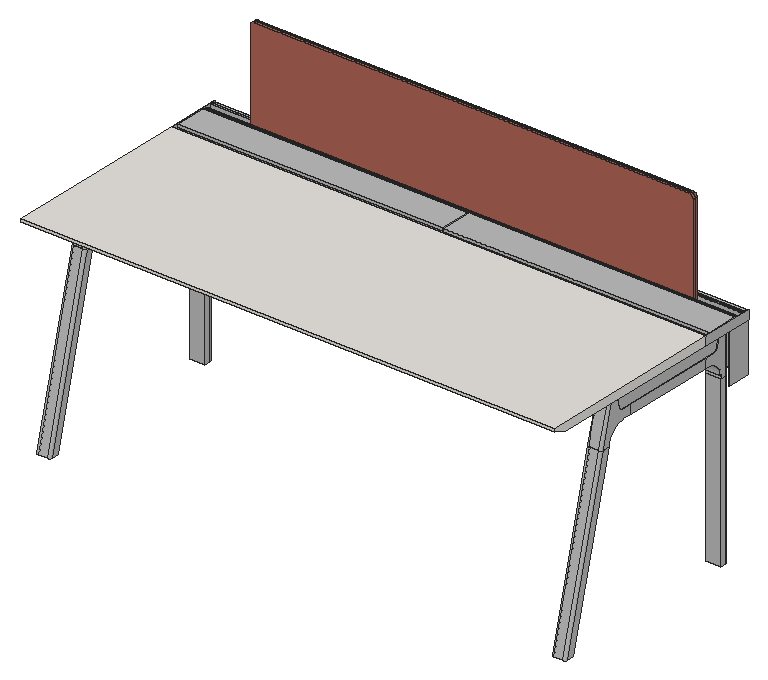
Revit family "Haworth_Intuity_Benching_SingleSided", category Furniture Systems, Revit 2018
Family settings
  Round Connector Dimension = Use Diameter
  Part Type = Normal
  OmniClass Number = 23.40.70.14.64.21
  OmniClass Title = Systems Furniture
  Work Plane-Based = No
  Always vertical = Yes
  Cut with Voids When Loaded = No
  Shared = No
  Room Calculation Point = No
Parameters (values of type "30d 72w")
  Worksurface Finish = Haworth _ Laminate _ Linen H-WL
  Worksurface Depth = if([30 Depth], 30", 24")  # 30"
  Width = 72"
  Warranty = "http://www.haworth.com/resources/product-info/warranties"
  Utility Tray Offset = 1 9/32"  # constant formula
  Utility Tray Bottom = 21 23/64"  # constant formula
  URL - Product = "http://www.haworth.com/products/workspaces/benching/intuity"
  URL = "https://www.haworth.com/na/en.html"
  Top Thickness = 1 3/16"  # constant formula
  Sustainability Info = "https://www.haworth.com/na/en/expertise/sustainability.html"
  Standard Screen Widths = "24, 30, 36, 42, 48, 54, 60 inches"  # constant formula
  Standard Bench Widths = "48, 54, 60, 66, 72 inches"  # constant formula
  Screen Yes [instance] = yes
  Screen Width = 60"
  Screen Finish = Haworth _ Fabric _ Tellure _ Geranium 3A-42
  Rail Finish = Haworth _ Paint _ Metallic Silver
  Min Width = 48"  # constant formula
  Min Screen Width = 24"  # constant formula
  Max Width = 72"  # constant formula
  Max Screen Width = 60"  # constant formula
  Leg Right Straight [instance] = no
  Leg Right Shared [instance] = no
  Leg Right Offset [instance] = if(Leg Right Shared, 0", 1 1/4")  # 1 1/4"
  Leg Right None [instance] = not(or(Leg Right Straight, Leg Right Angled))  # no
  Leg Right Angled [instance] = yes
  Leg Left Straight [instance] = no
  Leg Left Shared [instance] = no
  Leg Left Offset [instance] = if(Leg Left Shared, 0", 1 1/4")  # 1 1/4"
  Leg Left None [instance] = not(or(Leg Left Straight, Leg Left Angled))  # no
  Leg Left Angled [instance] = yes
  Leg Height = 28"  # constant formula
  Leg Half = 1"  # constant formula
  Leg Front Offset [instance] = if(or(Leg Right Angled, Leg Left Angled), 13", 6")  # 13"
  Leg Finish = Haworth _ Paint _ Metallic Silver
  Knife Edge [instance] = or(Leg Right Angled, Leg Left Angled, not(Edgeband))  # yes
  Size = "Verify Final Dim. w/ Haworth"  # constant formula
  Revision Number = "2"  # constant formula
  Model = "Haworth - Intuity Benching - Single Sided"  # constant formula
  Manufacturer = "Haworth"  # constant formula
  End Cap Right [instance] = and(not(Leg Right Shared), or(Leg Right Straight, Leg Right Angled))  # yes
  End Cap Offset = 1/8"  # constant formula
  End Cap Left [instance] = and(not(Leg Left Shared), or(Leg Left Straight, Leg Left Angled))  # yes
  End Cap Depth Half = if(Access Hatch Yes, 5 29/32", 1 13/32")  # 5 29/32"
  Edgeband Actual [instance] = and(Edgeband, not(or(Leg Right Angled, Leg Left Angled)))  # no
  Edgeband [instance] = no
  Description = "Haworth - Intuity Benching - Single Sided"  # constant formula
  Custom Size = not(or(Width = 48", Width = 54", Width = 60", Width = 66", Width = 72"))  # no
  Custom Screen Size = not(or(Screen Width = 24", Screen Width = 30", Screen Width = 36", Screen Width = 42", Screen Width = 48", Screen Width = 54", Screen Width = 60"))  # no
  Beam Offset = 7"  # constant formula
  Beam Height = 2"  # constant formula
  Beam Gap = 9/16"  # constant formula
  Beam Depth = 1 1/4"  # constant formula
  Back Leg Right [instance] = or(Leg Right Straight, Leg Right Angled)  # yes
  Back Leg Offset = 1 7/8"  # constant formula
  Back Leg Left [instance] = or(Leg Left Straight, Leg Left Angled)  # yes
  Author = "Haworth (Hampton)"  # constant formula
  Assembly Code = "E2020200"
  Actual Worksurface Depth = if(Access Hatch No, Worksurface Depth, Worksurface Depth - 4 1/2")  # 25 1/2"
  Actual Width = if(Width > Max Width, Max Width, if(Width < Min Width, Min Width, Width))  # 72"
  Actual Screen Width = if(Screen Width > Max Screen Width, Max Screen Width - 1/4", if(Screen Width < Min Screen Width, Min Screen Width - 1/4", Screen Width - 1/4"))  # 59 3/4"
  Actual Height = 29 3/16"  # constant formula
  Actual Depth = if([30 Depth], 31 13/32", 25 13/32")  # 31 13/32"
  Access Plate Offset = 7/8"  # constant formula
  Access Plate Height = 3/8"  # constant formula
  Access Plate Depth = 4 1/4"  # constant formula
  Accent Plate Right [instance] = or(Leg Right Straight, Leg Right Angled)  # yes
  Accent Plate Left [instance] = or(Leg Left Straight, Leg Left Angled)  # yes
  Access Hatch Yes = yes
  Access Hatch No = not(Access Hatch Yes)  # no
  Access Hatch Finish = Haworth _ Paint _ Metallic Silver
  Accent Plate Finish = Haworth _ Paint _ Metallic Silver
  Accent Plate Depth [instance] = Actual Depth - Leg Front Offset - 5 9/16"  # 12 27/32"
  30 Depth = not([24 Depth])  # yes
  24 Depth = no
Types (10): name | Worksurface Depth | Width | Screen Width | Leg Right Straight | Leg Right Angled | Leg Left Straight | Leg Left Angled | Leg Front Offset | Actual Worksurface Depth | Actual Width | Actual Screen Width | Actual Depth | Accent Plate Depth | 30 Depth | 24 Depth
  24d 48w | 24" | 48" | 48" | no | yes | no | yes | 13" | 19 1/2" | 48" | 47 3/4" | 25 13/32" | 6 27/32" | no | yes
  24d 54w | 24" | 54" | 54" | no | yes | no | yes | 13" | 19 1/2" | 54" | 53 3/4" | 25 13/32" | 6 27/32" | no | yes
  24d 60w | 24" | 60" | 60" | no | yes | no | yes | 13" | 19 1/2" | 60" | 59 3/4" | 25 13/32" | 6 27/32" | no | yes
  24d 66w | 24" | 66" | 60" | no | yes | no | yes | 13" | 19 1/2" | 66" | 59 3/4" | 25 13/32" | 6 27/32" | no | yes
  24d 72w | 24" | 72" | 60" | no | yes | no | yes | 13" | 19 1/2" | 72" | 59 3/4" | 25 13/32" | 6 27/32" | no | yes
  30d 48w | 30" | 48" | 48" | yes | no | yes | no | 6" | 25 1/2" | 48" | 47 3/4" | 31 13/32" | 19 27/32" | yes | no
  30d 54w | 30" | 54" | 54" | no | yes | no | yes | 13" | 25 1/2" | 54" | 53 3/4" | 31 13/32" | 12 27/32" | yes | no
  30d 60w | 30" | 60" | 60" | no | yes | no | yes | 13" | 25 1/2" | 60" | 59 3/4" | 31 13/32" | 12 27/32" | yes | no
  30d 66w | 30" | 66" | 60" | no | yes | no | yes | 13" | 25 1/2" | 66" | 59 3/4" | 31 13/32" | 12 27/32" | yes | no
  30d 72w | 30" | 72" | 60" | no | yes | no | yes | 13" | 25 1/2" | 72" | 59 3/4" | 31 13/32" | 12 27/32" | yes | no
Reference planes (in)
  plane 1: z = 0
  plane 2 "Center L/R": x = 8.5
  plane 3 "Left Edge": x = -27.5
  plane 4 "Right Edge": x = 44.5
  plane 5 "Support Top": z = 29.1875
  plane 6 "Center F/B": y = -7.86431
  plane 7 "Front": y = -39.27056
  plane 8 "Left Leg Offset": x = -26.25
  plane 9 "Right Leg Offset": x = 43.25
  plane 10 "Leg Front": y = -26.27056
  plane 11 "End Cap Left": x = -27.375
  plane 12 "End Cap Right": x = 44.375
  plane 13 "End Cap Front": y = -13.77056
  plane 14: z = 28
  plane 15 "Beam 3": y = -14.86431
  plane 16 "Beam 4": y = -16.11431
  plane 17 "Beam Top": z = 27.4375
  plane 18 "Beam Bottom": z = 25.4375
  plane 19 "Leg Left Inside": x = -25.25
  plane 20 "Leg Right Inside": x = 42.25
  plane 21 "Access Plate Left": x = 8.375
  plane 22 "Access Plate Right": x = 8.625
  plane 23 "Access Plate 4": y = -8.73931
  plane 24 "Access Plate 3": y = -12.98931
  plane 25 "Access Bottom": z = 28.8125
  plane 26: y = -9.73931
  plane 27 "Back": y = -6.58306
  plane 28: z = 21.35938
Forms (in)
  Extrusion 1, solid, material "Haworth _ Paint _ Metallic Silver" <- "Access Hatch Finish", visible <- "End Cap Left"
    sketch origin (0, 0, 0) x (1, 0, 0) y (0, 1, 0)
      loop
        line (-27.5, -6.58306) -> (-27.5, -13.77056) -> (-27.375, -13.77056) -> (-27.375, -6.58306) -> (-27.5, -6.58306)
    from 28 to 29.1875
  Extrusion 2, solid, material "Haworth _ Paint _ Metallic Silver" <- "Access Hatch Finish", visible <- "End Cap Right"
    sketch origin (0, 0, 0) x (1, 0, 0) y (0, 1, 0)
      loop
        line (44.375, -6.58306) -> (44.375, -13.77056) -> (44.5, -13.77056) -> (44.5, -6.58306) -> (44.375, -6.58306)
    from 28 to 29.1875
  Extrusion 3, solid, material "Haworth _ Paint _ Metallic Silver" <- "Leg Finish"
    sketch origin (0, 0, 0) x (1, 0, 0) y (0, 1, 0)
      loop
        line (-25.25, -14.86431) -> (-25.25, -16.11431) -> (42.25, -16.11431) -> (42.25, -14.86431) -> (-25.25, -14.86431)
    from 25.4375 to 27.4375
  Extrusion 4, solid, material "Haworth _ Paint _ Metallic Silver" <- "Access Hatch Finish", visible <- "Access Hatch Yes"
    sketch origin (0, 0, 0) x (1, 0, 0) y (0, 1, 0)
      loop
        line (-27.375, -8.73931) -> (-27.375, -12.98931) -> (8.375, -12.98931) -> (8.375, -8.73931) -> (-27.375, -8.73931)
      loop
        line (8.625, -8.73931) -> (8.625, -12.98931) -> (44.375, -12.98931) -> (44.375, -8.73931) -> (8.625, -8.73931)
    from 28.8125 to 29.1875
  Extrusion 5, solid, material "Haworth _ Paint _ Metallic Silver" <- "Rail Finish", visible <- "Accent Plate Left"
    sketch origin (-27.5, 0, 0) x (0, -1, 0) y (0, 0, 1)
      loop
        line (9.73931, 21.35937) -> (9.73931, 28) -> (6.58306, 28) -> (6.58306, 21.35937) -> (9.73931, 21.35937)
    from -0.125 to 0
  Extrusion 6, solid, material "Haworth _ Paint _ Metallic Silver" <- "Rail Finish", visible <- "Accent Plate Right"
    sketch origin (-27.5, 0, 0) x (0, -1, 0) y (0, 0, 1)
      loop
        line (9.73931, 28) -> (6.58306, 28) -> (6.58306, 21.35937) -> (9.73931, 21.35937) -> (9.73931, 28)
    from -72 to -71.875
Lines and regions (in)
  Masking region 1
    outline origin (0, 0, 0) x (1, 0, 0) y (0, 1, 0)
      loop
        line (-27.5, -6.58306) -> (-27.5, -39.27056) -> (44.5, -39.27056) -> (44.5, -6.58306) -> (-27.5, -6.58306)
  symbolic lines, style "Haworth", visible <- "Access Hatch Yes", detail levels fine
    curve 1: line (8.5, -8.73931, 0) -> (8.5, -13.77056, 0)
Dimensions and locks (in)
  "Actual Width": plane 3 "Left Edge" to plane 4 "Right Edge"
  equal spacing: plane 3 "Left Edge", plane 2 "Center L/R", plane 4 "Right Edge"
  "Actual Height": plane 5 "Support Top" to level
  "Actual Depth": plane 7 "Front" to plane 6 "Center F/B"
  "Leg Left Offset": plane 3 "Left Edge" to plane 8 "Left Leg Offset"
  "Leg Right Offset": plane 9 "Right Leg Offset" to plane 4 "Right Edge"
  "Leg Front Offset": plane 7 "Front" to plane 10 "Leg Front"
  "End Cap Offset": plane 12 "End Cap Right" to plane 4 "Right Edge"
  "End Cap Offset": plane 3 "Left Edge" to plane 11 "End Cap Left"
  "End Cap Depth Half": plane 13 "End Cap Front" to plane 6 "Center F/B"
  "Top Thickness": plane 5 "Support Top" to plane 14
  "Beam Depth": plane 16 "Beam 4" to plane 15 "Beam 3"
  "Beam Gap": plane 14 to plane 17 "Beam Top"
  "Beam Height": plane 17 "Beam Top" to plane 18 "Beam Bottom"
  "Leg Half": plane 8 "Left Leg Offset" to plane 19 "Leg Left Inside"
  "Leg Half": plane 20 "Leg Right Inside" to plane 9 "Right Leg Offset"
  "End Cap Offset": plane 21 "Access Plate Left" to plane 2 "Center L/R"
  "End Cap Offset": plane 2 "Center L/R" to plane 22 "Access Plate Right"
  "Access Plate Offset": plane 6 "Center F/B" to plane 23 "Access Plate 4"
  "Access Plate Depth": plane 23 "Access Plate 4" to plane 24 "Access Plate 3"
  "Access Plate Height": plane 5 "Support Top" to plane 25 "Access Bottom"
  "Back Leg Offset": plane 6 "Center F/B" to plane 26
  "Beam Offset": plane 6 "Center F/B" to plane 15 "Beam 3"
  "Utility Tray Offset": plane 27 "Back" to plane 6 "Center F/B"
  "Utility Tray Bottom": plane 28 to plane 1
  aligned and locked: Masking region 1 sketch curve to plane 3 "Left Edge"
  aligned and locked: Masking region 1 sketch curve to plane 4 "Right Edge"
  aligned and locked: Masking region 1 sketch curve to plane 7 "Front"
  aligned and locked: plane 2 "Center L/R" to nested 1
  aligned and locked: plane 7 "Front" to nested 1
  aligned and locked: plane 8 "Left Leg Offset" to nested 2
  aligned and locked: nested 3 to plane 9 "Right Leg Offset"
  aligned and locked: plane 10 "Leg Front" to nested 3
  aligned and locked: plane 10 "Leg Front" to nested 4
  aligned and locked: plane 8 "Left Leg Offset" to nested 4
  aligned and locked: nested 5 to plane 8 "Left Leg Offset"
  aligned and locked: plane 9 "Right Leg Offset" to nested 7
  aligned and locked: plane 10 "Leg Front" to nested 6
  aligned and locked: nested 6 to plane 9 "Right Leg Offset"
  aligned and locked: plane 10 "Leg Front" to nested 2
  aligned and locked: plane 8 "Left Leg Offset" to nested 8
  aligned and locked: nested 9 to plane 9 "Right Leg Offset"
  aligned and locked: plane 2 "Center L/R" to nested 10
  aligned and locked: plane 6 "Center F/B" to nested 10
  aligned and locked: Extrusion 1 sketch curve to plane 13 "End Cap Front"
  aligned and locked: Extrusion 1 sketch curve to plane 11 "End Cap Left"
  aligned and locked: Extrusion 1 sketch curve to plane 3 "Left Edge"
  aligned and locked: Extrusion 2 sketch curve to plane 13 "End Cap Front"
  aligned and locked: Extrusion 2 sketch curve to plane 12 "End Cap Right"
  aligned and locked: Extrusion 2 sketch curve to plane 4 "Right Edge"
  aligned and locked: plane 5 "Support Top" to Extrusion 1
  aligned and locked: plane 5 "Support Top" to Extrusion 2
  aligned and locked: Extrusion 2 to plane 14
  aligned and locked: Extrusion 1 to plane 14
  aligned and locked: plane 19 "Leg Left Inside" to Extrusion 3 sketch curve
  aligned and locked: plane 20 "Leg Right Inside" to Extrusion 3 sketch curve
  aligned and locked: plane 15 "Beam 3" to Extrusion 3 sketch curve
  aligned and locked: Extrusion 3 sketch curve to plane 16 "Beam 4"
  aligned and locked: plane 17 "Beam Top" to Extrusion 3
  aligned and locked: Extrusion 3 to plane 18 "Beam Bottom"
  aligned and locked: plane 24 "Access Plate 3" to Extrusion 4 sketch curve  (x2)
  aligned and locked: Extrusion 4 sketch curve to plane 23 "Access Plate 4"  (x2)
  aligned and locked: Extrusion 4 sketch curve to plane 22 "Access Plate Right"
  aligned and locked: Extrusion 4 sketch curve to plane 21 "Access Plate Left"
  aligned and locked: plane 12 "End Cap Right" to Extrusion 4 sketch curve
  aligned and locked: plane 11 "End Cap Left" to Extrusion 4 sketch curve
  aligned and locked: plane 5 "Support Top" to Extrusion 4
  aligned and locked: Extrusion 4 to plane 25 "Access Bottom"
  aligned and locked: curve 1 to plane 2 "Center L/R"
  aligned and locked: plane 23 "Access Plate 4" to curve 1
  aligned and locked: plane 13 "End Cap Front" to curve 1
  aligned and locked: plane 6 "Center F/B" to nested 11
  aligned and locked: nested 5 to plane 26
  aligned and locked: nested 7 to plane 26
  aligned and locked: nested 9 to plane 10 "Leg Front"
  aligned and locked: nested 8 to plane 10 "Leg Front"
  aligned and locked: plane 2 "Center L/R" to nested 12
  aligned and locked: plane 6 "Center F/B" to nested 12
  aligned and locked: plane 27 "Back" to Masking region 1
  aligned and locked: plane 27 "Back" to Extrusion 2
  aligned and locked: plane 27 "Back" to Extrusion 1
  aligned and locked: plane 14 to Extrusion 5 sketch curve
  aligned and locked: Extrusion 5 sketch curve to plane 28
  aligned and locked: plane 27 "Back" to Extrusion 5 sketch curve
  aligned and locked: Extrusion 5 sketch curve to plane 26
  aligned and locked: plane 11 "End Cap Left" to Extrusion 5
  aligned and locked: plane 3 "Left Edge" to Extrusion 5
  aligned and locked: Extrusion 6 sketch curve to plane 27 "Back"
  aligned and locked: plane 26 to Extrusion 6 sketch curve
  aligned and locked: plane 28 to Extrusion 6 sketch curve
  aligned and locked: Extrusion 6 sketch curve to plane 14
  aligned and locked: plane 4 "Right Edge" to Extrusion 6
  aligned and locked: plane 12 "End Cap Right" to Extrusion 6
Automatic sketch dimensions
  plane 6 "Center F/B" to Extrusion 1 sketch curve = 1 9/32"
  plane 6 "Center F/B" to Extrusion 2 sketch curve = 1 9/32"
  plane 6 "Center F/B" to Masking region 1 sketch curve = 1 9/32"
Nested families (in)
  nested 1: "Haworth_Intuity_Worksurfaces" at (0, -18.65625, 28), built-in parameter 1001364 <- "Leg Height", type "Top"
    with Knife Edge Void End 78", Actual Width 72", Actual Depth 25 1/2"
  nested 2: "Haworth_Intuity_Angled_Leg" at (-34.75, -18.40625, 0), visible <- "Leg Left Angled", type "Support"
  nested 3: "Haworth_Intuity_Angled_Leg" at (34.75, -18.40625, 0), visible <- "Leg Right Angled", type "Support"
  nested 4: "Haworth_Intuity_Straight_Leg" at (-34.75, -18.40625, 0), visible <- "Leg Left Straight", type "Support"
  nested 5: "Haworth_Intuity_Straight_Leg" at (-17.75, -21.29112, 0) x (-1, 0, 0) z (0, 0, 1), visible <- "Back Leg Left", type "Support"
  nested 6: "Haworth_Intuity_Straight_Leg" at (34.75, -18.40625, 0), visible <- "Leg Right Straight", type "Support"
  nested 7: "Haworth_Intuity_Straight_Leg" at (51.75, -21.29112, 0) x (-1, 0, 0) z (0, 0, 1), visible <- "Back Leg Right", type "Support"
  nested 8: "Haworth_Intuity_Accent_Plate" at (-34.75, -9.20313, 0), visible <- "Accent Plate Left", type "Support"
    with Support Depth 12 27/32"
  nested 9: "Haworth_Intuity_Accent_Plate" at (34.75, -9.20313, 0), visible <- "Accent Plate Right", type "Support"
    with Support Depth 12 27/32"
  nested 10: "Haworth_Intuity_Rail" at (0, 2.78125, 0), Right Shared Leg <- "Leg Right Shared", Left Shared Leg <- "Leg Left Shared", type "Rail"
    with Right Shared Leg no, Right Offset 1/8", Left Shared Leg no, Left Offset 1/8", Worsurface Length 72"
  nested 11: "Haworth_Intuity_Screens" at (0, 0, 28.25), visible <- "Screen Yes", type "Screen"
    with Actual Width 59 3/4"
  nested 12: "Haworth_Intuity_Utility_Tray_Single" at (0, 2.78125, 0), type "Tray"
    with Right Offset 1/8", Left Offset 1/8", Worsurface Length 72"
Definition of nested family "Haworth_Intuity_Worksurfaces"
  Parameters
    Warranty = "http://www.haworth.com/bottom-nav/product-info/warranty-info"
    URL - Product = "http://www.haworth.com/home/systems/benching/intuity"
    URL = "www.haworth.com"
    Knife Edge Void Start = 3"  # constant formula
    Knife Edge Void End = if(Knife Edge, Actual Width + 6", 2")  # 54"
    Knife Edge = not(Edgeband)  # yes
    Finish = none
    Size = "Verify Final Dim. w/ Haworth"  # constant formula
    Revision Number = "1"  # constant formula
    Model = "Haworth_Intuity_Worksurfaces"  # constant formula
    Manufacturer = "Haworth"  # constant formula
    Edgeband = no
    Description = "Haworth_Intuity_Worksurfaces"
    Author = "Haworth (Hampton)"  # constant formula
    Assembly Code = "E2020200"
    Actual Width = 48"
    Actual Height = 1 3/16"  # constant formula
    Actual Depth = 24"
  Reference planes (in)
    plane 1: z = 0
    plane 2 "Center L/R": x = 8.5
    plane 3 "Left Edge": x = -15.5
    plane 4 "Right Edge": x = 32.5
    plane 5 "Support Top": z = 1.1875
    plane 6 "Center F/B": y = -7.86431
    plane 7 "Back": y = 4.13569
    plane 8 "Front": y = -19.86431
    plane 9 "Knife Edge": y = -17.86431
    plane 10 "Knife Edge Seam": z = 0.8125
    plane 11 "Void Left": x = -18.5
    plane 12 "Void Right": x = 35.5
  Forms (in)
    Extrusion 1, solid, material <- "Finish"
      sketch origin (0, 0, 0) x (1, 0, 0) y (0, 1, 0)
        loop
          line (-15.5, 4.13569) -> (-15.5, -19.86431) -> (32.5, -19.86431) -> (32.5, 4.13569) -> (-15.5, 4.13569)
      from 0 to 1.1875
    Extrusion 2, void
      sketch origin (-15.5, 0, 0) x (0, -1, 0) y (0, 0, 1)
        loop
          line (17.86431, 0) -> (17.86431, -0.31399) -> (20.36431, -0.31399) -> (20.36431, 0.8125) -> (19.86431, 0.8125) -> (17.86431, 0)
      from -51 to 3
  Cuts and joins
    Extrusion 2 cuts Extrusion 1
  Lines and regions (in)
    Masking region 1
      outline origin (0, 0, 0) x (1, 0, 0) y (0, 1, 0)
        loop
          line (-15.5, 4.13569) -> (-15.5, -19.86431) -> (32.5, -19.86431) -> (32.5, 4.13569) -> (-15.5, 4.13569)
    symbolic lines
      curve 1: line (-15.5, 4.13569, 0) -> (-15.5, -19.86431, 0)
      curve 2: line (-15.5, -19.86431, 0) -> (32.5, -19.86431, 0)
      curve 3: line (32.5, -19.86431, 0) -> (32.5, 4.13569, 0)
      curve 4: line (32.5, 4.13569, 0) -> (-15.5, 4.13569, 0)
  Dimensions and locks (in)
    "Actual Width": plane 3 "Left Edge" to plane 4 "Right Edge"
    equal spacing: plane 3 "Left Edge", plane 2 "Center L/R", plane 4 "Right Edge"
    "Actual Height": plane 5 "Support Top" to level
    equal spacing: plane 8 "Front", plane 6 "Center F/B", plane 7 "Back"
    "Actual Depth": plane 8 "Front" to plane 7 "Back"
    locked: plane 8 "Front" to plane 9 "Knife Edge" at 2
    locked: plane 5 "Support Top" to plane 10 "Knife Edge Seam" at 0.375
    "Knife Edge Void Start": plane 11 "Void Left" to plane 3 "Left Edge"
    "Knife Edge Void End": plane 11 "Void Left" to plane 12 "Void Right"
    aligned and locked: Masking region 1 sketch curve to plane 3 "Left Edge"
    aligned and locked: Masking region 1 sketch curve to plane 4 "Right Edge"
    aligned and locked: Masking region 1 sketch curve to plane 7 "Back"
    aligned and locked: Masking region 1 sketch curve to plane 8 "Front"
    aligned and locked: Extrusion 1 sketch curve to plane 4 "Right Edge"
    aligned and locked: Extrusion 1 sketch curve to plane 3 "Left Edge"
    aligned and locked: Extrusion 1 sketch curve to plane 7 "Back"
    aligned and locked: Extrusion 1 sketch curve to plane 8 "Front"
    aligned and locked: Extrusion 1 to plane 1
    aligned and locked: plane 5 "Support Top" to Extrusion 1
    aligned and locked: cut or joined group of Extrusion 1, Extrusion 2 to plane 12 "Void Right"
    aligned and locked: plane 11 "Void Left" to Extrusion 2
    aligned and locked: plane 4 "Right Edge" to curve 3
    aligned and locked: plane 7 "Back" to curve 4
    aligned and locked: plane 3 "Left Edge" to curve 1
    aligned and locked: plane 8 "Front" to curve 2
  Automatic sketch dimensions
    Extrusion 2 sketch curve to level = 0"
    Extrusion 2 sketch curve to plane 9 "Knife Edge" = 0"
    Extrusion 2 sketch curve to plane 8 "Front" = 0"
    Extrusion 2 sketch curve to plane 10 "Knife Edge Seam" = 0"
    plane 8 "Front" to Extrusion 2 sketch curve = 1/2"
    Extrusion 2 sketch curve to level = 0.31399"
Definition of nested family "Haworth_Intuity_Angled_Leg"
  Parameters
    URL = "www.haworth.com"
    Support Thickness = 2"  # constant formula
    Support Inset = 1/4"  # constant formula
    Support Height = 28"  # constant formula
    Support Finish = none
    Size = "Verify Final Dim. w/ Haworth"  # constant formula
    Revision Number = "1"  # constant formula
    Model = "Haworth_Intuity_Angled_Leg"  # constant formula
    Manufacturer = "Haworth"  # constant formula
    Description = "Haworth_Intuity_Angled_Leg"
    Author = "Haworth (Hampton)"  # constant formula
    Assembly Code = "E2020200"
    Actual Depth = 10 3/4"  # constant formula
  Reference planes (in)
    plane 1: z = 0
    plane 2 "Center L/R": x = 8.5
    plane 3 "Support Left Edge": x = 7.5
    plane 4 "Support Right Edge": x = 9.5
    plane 5 "Support Top": z = 28
    plane 6 "Center F/B": y = -7.86431
    plane 7 "Inset Left": x = 7.75
    plane 8 "Inset Right": x = 9.25
    plane 9 "Front": y = -18.60273
  Forms (in)
    Extrusion 1, solid, material <- "Support Finish"
      sketch origin (7.5, 0, 0) x (0, -1, 0) y (0, 0, 1)
        loop
          line (18.60273, 0) -> (12.61969, 22.70402) -> (11.40102, 22.70402) -> (17.38407, 0) -> (18.60273, 0)
      from -2 to 0
    Extrusion 2, solid, material <- "Support Finish"
      sketch origin (7.5, 0, 0) x (0, -1, 0) y (0, 0, 1)
        loop
          line (12.61969, 22.70402) -> (11.20064, 28) -> (9.99113, 28) -> (9.63452, 26.66908)
          arc (9.63452, 26.66908) -> (9.41129, 26.335) -> (9.03081, 26.20584) r 0.625
          line (9.03081, 26.20584) -> (7.86431, 26.20584) -> (7.86431, 25.0255) -> (8.76475, 25.0255)
          arc (8.76475, 25.0255) -> (10.36275, 24.48305) -> (11.30031, 23.0799) r 2.625
          line (11.30031, 23.0799) -> (11.40102, 22.70402) -> (12.61969, 22.70402)
      from -2 to 0
    Extrusion 3, void
      sketch origin (0, -0.61412, -4.74042) x (1, 0, 0) y (0, 0.966987, -0.254824)
        loop
          line (9.125, -18.60273) -> (7.875, -18.60273)
          arc (7.875, -18.60273) -> (7.60983, -18.4929) -> (7.5, -18.22773) r 0.375
          line (7.5, -18.22773) -> (7.18721, -18.74452) -> (9.81279, -18.74452) -> (9.5, -18.22773)
          arc (9.5, -18.22773) -> (9.39017, -18.4929) -> (9.125, -18.60273) r 0.375
      from 0 to 30.3576
  Cuts and joins
    Extrusion 3 cuts Extrusion 1
    Extrusion 3 cuts Extrusion 2
  Lines and regions (in)
    symbolic lines, detail levels medium+fine
      curve 1: line (7.5, -7.86431, 0) -> (9.5, -7.86431, 0)
      curve 2: line (7.5, -18.60273, 0) -> (7.5, -7.86431, 0)
      curve 3: line (9.5, -18.60273, 0) -> (7.5, -18.60273, 0)
      curve 4: line (9.5, -7.86431, 0) -> (9.5, -18.60273, 0)
  Dimensions and locks (in)
    "Support Thickness": plane 3 "Support Left Edge" to plane 4 "Support Right Edge"
    equal spacing: plane 3 "Support Left Edge", plane 2 "Center L/R", plane 4 "Support Right Edge"
    "Support Height": plane 5 "Support Top" to level
    "Support Inset": plane 3 "Support Left Edge" to plane 7 "Inset Left"
    "Support Inset": plane 8 "Inset Right" to plane 4 "Support Right Edge"
    aligned and locked: plane 4 "Support Right Edge" to Extrusion 2
    aligned and locked: plane 3 "Support Left Edge" to Extrusion 2
    aligned and locked: plane 4 "Support Right Edge" to Extrusion 1
    aligned and locked: plane 3 "Support Left Edge" to Extrusion 1
  Automatic sketch dimensions
    Extrusion 1 sketch curve to level = 0"
    Extrusion 1 sketch curve to plane 6 "Center F/B" = 3.53671"
    Extrusion 1 sketch curve to Extrusion 1 sketch curve = 1.21867"  (x2)
    Extrusion 2 sketch curve to plane 6 "Center F/B" = 0"
    Extrusion 2 sketch curve to plane 5 "Support Top" = 0"
    Extrusion 2 sketch curve to plane 6 "Center F/B" = 1.1665"
    Extrusion 2 sketch curve to plane 6 "Center F/B" = 0.90044"
    Extrusion 2 sketch curve to Extrusion 2 sketch curve = 0.6037"
    Extrusion 2 sketch curve to Extrusion 2 sketch curve = 0.35662"
    Extrusion 2 sketch curve to Extrusion 2 sketch curve = 2.53556"
    Extrusion 2 sketch curve to Extrusion 2 sketch curve = 1.2095"
    Extrusion 2 sketch curve to Extrusion 2 sketch curve = 0.10072"
    Extrusion 2 sketch curve to Extrusion 2 sketch curve = 1.21867"
    Extrusion 2 sketch curve to Extrusion 2 sketch curve = 0.16176"
    Extrusion 2 sketch curve to Extrusion 2 sketch curve = 1.18035"
    Extrusion 2 sketch curve to Extrusion 2 sketch curve = 1.9456"
    Extrusion 2 sketch curve to Extrusion 2 sketch curve = 0.37588"
    Extrusion 1 sketch curve to plane 6 "Center F/B" = 9.51976"
    Extrusion 1 sketch curve to plane 5 "Support Top" = 5.29598"
    Extrusion 2 sketch curve to plane 5 "Support Top" = 1.16916"
    plane 3 "Support Left Edge" to curve 3 = 0"
    plane 4 "Support Right Edge" to curve 3 = 0"
    curve 3 to plane 6 "Center F/B" = 10.73842"
    plane 6 "Center F/B" to curve 2 = 0"
    Extrusion 3 sketch curve to plane 3 "Support Left Edge" = 0"
    Extrusion 3 sketch curve to plane 4 "Support Right Edge" = 0"
    plane 3 "Support Left Edge" to Extrusion 3 sketch curve = 0.31279"
    plane 7 "Inset Left" to Extrusion 3 sketch curve = 1/8"
    plane 8 "Inset Right" to Extrusion 3 sketch curve = 1/8"
    plane 4 "Support Right Edge" to Extrusion 3 sketch curve = 0.31279"
    Extrusion 3 sketch curve to Extrusion 3 sketch curve = 0.14179"
Definition of nested family "Haworth_Intuity_Straight_Leg"
  Parameters
    URL = "www.haworth.com"
    Top Height = 5 19/64"  # constant formula
    Support Thickness = 2"  # constant formula
    Support Inset = 1/4"  # constant formula
    Support Height = 28"  # constant formula
    Support Finish = none
    Size = "Verify Final Dim. w/ Haworth"  # constant formula
    Revision Number = "1"  # constant formula
    Model = "Haworth_Intuity_Straight_Leg"  # constant formula
    Manufacturer = "Haworth"  # constant formula
    Leg Depth = 1 1/4"  # constant formula
    Description = "Haworth_Intuity_Straight_Leg"
    Author = "Haworth (Hampton)"  # constant formula
    Assembly Code = "E2020200"
    Actual Depth = 3 11/16"  # constant formula
  Reference planes (in)
    plane 1: z = 0
    plane 2 "Center L/R": x = 8.5
    plane 3 "Support Left Edge": x = 7.5
    plane 4 "Support Right Edge": x = 9.5
    plane 5 "Support Top": z = 28
    plane 6 "Center F/B": y = -7.86431
    plane 7 "Leg Outside": y = -11.55181
    plane 8 "Leg Inside": y = -10.30181
    plane 9: z = 22.70313
  Forms (in)
    Extrusion 1, solid, material <- "Support Finish"
      sketch origin (7.5, 0, 0) x (0, -1, 0) y (0, 0, 1)
        loop
          line (11.82451, 22.70313) -> (11.82451, 28) -> (10.24113, 28) -> (9.88452, 26.66908)
          arc (9.88452, 26.66908) -> (9.66129, 26.335) -> (9.28081, 26.20584) r 0.625
          line (9.28081, 26.20584) -> (7.86431, 26.20584) -> (7.86431, 25.0255) -> (8.30181, 25.0255)
          arc (8.30181, 25.0255) -> (9.71602, 24.43971) -> (10.30181, 23.0255) r 2
          line (10.30181, 23.0255) -> (10.30181, 22.70313) -> (11.82451, 22.70313)
      from -2 to 0
    Extrusion 2, solid, material <- "Support Finish"
      sketch origin (0, 0, 0) x (1, 0, 0) y (0, 1, 0)
        loop
          line (7.5, -10.30181) -> (7.5, -11.17681)
          arc (7.5, -11.17681) -> (7.60983, -11.44198) -> (7.875, -11.55181) r 0.375
          line (7.875, -11.55181) -> (9.125, -11.55181)
          arc (9.125, -11.55181) -> (9.39017, -11.44198) -> (9.5, -11.17681) r 0.375
          line (9.5, -11.17681) -> (9.5, -10.30181) -> (7.5, -10.30181)
      from 0 to 22.70313
    Extrusion 3, void
      sketch origin (0, 0, 0) x (1, 0, 0) y (0, 1, 0)
        loop
          line (7.5, -11.17681) -> (7.17397, -11.17681) -> (7.17397, -11.92681) -> (9.82603, -11.92681) -> (9.82603, -11.17681) -> (9.5, -11.17681)
          arc (9.5, -11.17681) -> (9.39017, -11.44198) -> (9.125, -11.55181) r 0.375
          line (9.125, -11.55181) -> (7.875, -11.55181)
          arc (7.875, -11.55181) -> (7.60983, -11.44198) -> (7.5, -11.17681) r 0.375
      from 20.66853 to 28
  Cuts and joins
    Extrusion 3 cuts Extrusion 2
    Extrusion 3 cuts Extrusion 1
  Lines and regions (in)
    symbolic lines, detail levels medium+fine
      curve 1: line (7.5, -7.86431, 0) -> (9.5, -7.86431, 0)
      curve 2: line (7.5, -11.55181, 0) -> (7.5, -7.86431, 0)
      curve 3: line (9.5, -11.55181, 0) -> (7.5, -11.55181, 0)
      curve 4: line (9.5, -7.86431, 0) -> (9.5, -11.55181, 0)
  Dimensions and locks (in)
    "Support Thickness": plane 3 "Support Left Edge" to plane 4 "Support Right Edge"
    equal spacing: plane 3 "Support Left Edge", plane 2 "Center L/R", plane 4 "Support Right Edge"
    "Support Height": plane 5 "Support Top" to level
    "Actual Depth": plane 6 "Center F/B" to plane 7 "Leg Outside"
    "Leg Depth": plane 8 "Leg Inside" to plane 7 "Leg Outside"
    "Top Height": plane 5 "Support Top" to plane 9
    aligned and locked: plane 4 "Support Right Edge" to Extrusion 1
    aligned and locked: plane 3 "Support Left Edge" to Extrusion 1
    aligned and locked: Extrusion 2 sketch curve to plane 4 "Support Right Edge"
    aligned and locked: Extrusion 2 sketch curve to plane 3 "Support Left Edge"
    aligned and locked: Extrusion 2 sketch curve to plane 8 "Leg Inside"
    aligned and locked: plane 7 "Leg Outside" to Extrusion 2 sketch curve
    aligned and locked: Extrusion 2 to level
    aligned and locked: plane 9 to Extrusion 2
    aligned and locked: plane 5 "Support Top" to Extrusion 3
    aligned and locked: cut or joined group of Extrusion 1, Extrusion 3 to plane 9
    aligned and locked: plane 7 "Leg Outside" to curve 3
  Automatic sketch dimensions
    plane 3 "Support Left Edge" to curve 3 = 0"
    plane 4 "Support Right Edge" to curve 3 = 0"
    plane 6 "Center F/B" to curve 2 = 0"
    Extrusion 1 sketch curve to plane 6 "Center F/B" = 0"
    Extrusion 1 sketch curve to plane 5 "Support Top" = 0"
    Extrusion 1 sketch curve to plane 6 "Center F/B" = 7/16"
    Extrusion 1 sketch curve to plane 6 "Center F/B" = 1.4165"
    Extrusion 1 sketch curve to Extrusion 1 sketch curve = 0.6037"
    Extrusion 1 sketch curve to Extrusion 1 sketch curve = 0.35662"
    Extrusion 1 sketch curve to Extrusion 1 sketch curve = 2"
    Extrusion 1 sketch curve to Extrusion 1 sketch curve = 1.58337"
    Extrusion 1 sketch curve to plane 5 "Support Top" = 1.16916"
    Extrusion 1 sketch curve to Extrusion 1 sketch curve = 0.16176"
    Extrusion 1 sketch curve to Extrusion 1 sketch curve = 1.18035"
    Extrusion 1 sketch curve to Extrusion 1 sketch curve = 0.32237"
    Extrusion 3 sketch curve to plane 3 "Support Left Edge" = 0"
    Extrusion 3 sketch curve to plane 7 "Leg Outside" = 0"
    Extrusion 3 sketch curve to plane 4 "Support Right Edge" = 0"
    plane 3 "Support Left Edge" to Extrusion 3 sketch curve = 0.32603"
    plane 4 "Support Right Edge" to Extrusion 3 sketch curve = 0.32603"
    Extrusion 3 sketch curve to plane 7 "Leg Outside" = 3/8"
    Extrusion 2 sketch curve to plane 3 "Support Left Edge" = 3/8"
    Extrusion 3 sketch curve to plane 3 "Support Left Edge" = 3/8"
    Extrusion 2 sketch curve to plane 4 "Support Right Edge" = 3/8"
    Extrusion 3 sketch curve to plane 4 "Support Right Edge" = 3/8"
Definition of nested family "Haworth_Intuity_Accent_Plate"
  Parameters
    URL = "www.haworth.com"
    Support Thickness = 2"  # constant formula
    Support Inset = 1/4"  # constant formula
    Support Height = 28"  # constant formula
    Support Finish = none
    Support Depth = 16"
    Size = "Verify Final Dim. w/ Haworth"  # constant formula
    Revision Number = "1"  # constant formula
    Plate Offset = 2 3/8"  # constant formula
    Model = "Haworth_Intuity_Accent_Plate"  # constant formula
    Manufacturer = "Haworth"  # constant formula
    Leg Depth = 1 1/4"  # constant formula
    Description = "Haworth_Intuity_Accent_Plate"
    Author = "Haworth (Hampton)"  # constant formula
    Assembly Code = "E2020200"
    Actual Depth = 3 11/16"  # constant formula
    Access Plate Finish = none
  Reference planes (in)
    plane 1: z = 0
    plane 2 "Center L/R": x = 8.5
    plane 3 "Support Left Edge": x = 7.5
    plane 4 "Support Right Edge": x = 9.5
    plane 5 "Support Top": z = 28
    plane 6 "Center F/B": y = -10.64556
    plane 7 "Leg Inside": y = -18.64556
    plane 8 "Plate Middle": z = 26.20584
    plane 9 "Plate Bottom": z = 25.0255
    plane 10 "Leg Inside Back": y = -2.64556
    plane 11 "Plate Left": x = 7.75
    plane 12 "Plate Right": x = 9.25
    plane 13 "Plate Front": y = -21.02056
    plane 14 "Plate End": y = -0.27056
  Forms (in)
    Extrusion 1, solid, material <- "Support Finish"
      sketch origin (8.5, 0, 0) x (0, 1, 0) y (0, 0, 1)
        loop
          line (-18.64556, 26.20584) -> (-18.64556, 25.0255) -> (-2.64556, 25.0255) -> (-2.64556, 26.20584) -> (-18.64556, 26.20584)
      from -1 to 1
    Extrusion 2, solid, material <- "Access Plate Finish"
      sketch origin (8.5, 0, 0) x (0, 1, 0) y (0, 0, 1)
        loop
          line (-21.02056, 28) -> (-20.66394, 26.66908)
          arc (-20.66394, 26.66908) -> (-20.44071, 26.335) -> (-20.06024, 26.20584) r 0.625
          line (-20.06024, 26.20584) -> (-1.23088, 26.20584)
          arc (-1.23088, 26.20584) -> (-0.85041, 26.335) -> (-0.62718, 26.66908) r 0.625
          line (-0.62718, 26.66908) -> (-0.27056, 28) -> (-21.02056, 28)
      from -0.75 to 0.75
  Lines and regions (in)
    symbolic lines, detail levels medium+fine
      curve 1: line (7.5, -0.27056, 0) -> (9.5, -0.27056, 0)
      curve 2: line (7.5, -21.02056, 0) -> (7.5, -0.27056, 0)
      curve 3: line (9.5, -21.02056, 0) -> (7.5, -21.02056, 0)
      curve 4: line (9.5, -0.27056, 0) -> (9.5, -21.02056, 0)
  Dimensions and locks (in)
    "Support Thickness": plane 3 "Support Left Edge" to plane 4 "Support Right Edge"
    equal spacing: plane 3 "Support Left Edge", plane 2 "Center L/R", plane 4 "Support Right Edge"
    "Support Height": plane 5 "Support Top" to level
    locked: plane 5 "Support Top" to plane 8 "Plate Middle" at 1.79416
    locked: plane 8 "Plate Middle" to plane 9 "Plate Bottom" at 1.18035
    equal spacing: plane 10 "Leg Inside Back", plane 6 "Center F/B", plane 7 "Leg Inside"
    "Support Depth": plane 7 "Leg Inside" to plane 10 "Leg Inside Back"
    locked: plane 3 "Support Left Edge" to plane 11 "Plate Left" at 0.25
    locked: plane 12 "Plate Right" to plane 4 "Support Right Edge" at 0.25
    "Plate Offset": plane 13 "Plate Front" to plane 7 "Leg Inside"
    "Plate Offset": plane 10 "Leg Inside Back" to plane 14 "Plate End"
    aligned and locked: plane 7 "Leg Inside" to Extrusion 1 sketch curve
    aligned and locked: plane 10 "Leg Inside Back" to Extrusion 1 sketch curve
    aligned and locked: Extrusion 1 sketch curve to plane 8 "Plate Middle"
    aligned and locked: plane 9 "Plate Bottom" to Extrusion 1 sketch curve
    aligned and locked: plane 3 "Support Left Edge" to Extrusion 1
    aligned and locked: plane 4 "Support Right Edge" to Extrusion 1
    aligned and locked: Extrusion 2 sketch curve to plane 8 "Plate Middle"
    aligned and locked: Extrusion 2 sketch curve to plane 5 "Support Top"
    aligned and locked: Extrusion 2 to plane 11 "Plate Left"
    aligned and locked: Extrusion 2 to plane 12 "Plate Right"
    aligned and locked: plane 14 "Plate End" to curve 1
    aligned and locked: plane 13 "Plate Front" to curve 3
  Automatic sketch dimensions
    Extrusion 2 sketch curve to plane 13 "Plate Front" = 0"
    Extrusion 2 sketch curve to plane 14 "Plate End" = 0"
    plane 13 "Plate Front" to Extrusion 2 sketch curve = 0.35662"
    Extrusion 2 sketch curve to Extrusion 2 sketch curve = 0.6037"
    plane 14 "Plate End" to Extrusion 2 sketch curve = 0.96032"
    plane 14 "Plate End" to Extrusion 2 sketch curve = 0.35662"
    plane 8 "Plate Middle" to Extrusion 2 sketch curve = 0.46324"  (x2)
    curve 3 to plane 3 "Support Left Edge" = 0"
    curve 3 to plane 4 "Support Right Edge" = 0"
Definition of nested family "Haworth_Intuity_Rail"
  Parameters
    Worsurface Height = 1 3/16"  # constant formula
    URL = "www.haworth.com"
    Worsurface Length = 48"
    Support Height = 28"  # constant formula
    Right Shared Leg [instance] = no
    Right Offset [instance] = if(Right Shared Leg, 0", 1/8")  # 1/8"
    Rail Finish = none
    Rail Depth = 1 1/2"  # constant formula
    Size = "Verify Final Dim. w/ Haworth"  # constant formula
    Revision Number = "1"  # constant formula
    Model = "Haworth_Intuity_Rail"  # constant formula
    Manufacturer = "Haworth"  # constant formula
    Left Shared Leg [instance] = no
    Left Offset [instance] = if(Left Shared Leg, 0", 1/8")  # 1/8"
    Description = "Haworth_Intuity_Rail"
    Author = "Haworth (Hampton)"  # constant formula
    Assembly Code = "E2020200"
  Reference planes (in)
    plane 1: z = 0
    plane 2 "Center L/R": x = 8.5
    plane 3 "Support Left Edge": x = -15.5
    plane 4 "Support Right Edge": x = 32.5
    plane 5 "Support Top": z = 28
    plane 6 "Center F/B": y = -10.64556
    plane 7 "Leg Inside": y = -11.39556
    plane 8 "Top Top": z = 29.1875
    plane 9 "Leg Inside Back": y = -9.89556
    plane 10 "Plate Left": x = -15.375
    plane 11 "Plate Right": x = 32.375
    plane 12: z = 28.1875
  Forms (in)
    Extrusion 1, solid, material <- "Rail Finish"
      sketch origin (8.5, 0, 0) x (0, 1, 0) y (0, 0, 1)
        loop
          line (-11.39556, 29.1875) -> (-11.39556, 28.1875) -> (-9.89556, 28.1875) -> (-9.89556, 29.1875) -> (-9.95806, 29.1875) -> (-9.95806, 28.375) -> (-10.20806, 28.375) -> (-10.20806, 29.1875) -> (-10.27056, 29.1875) -> (-10.27056, 28.25) -> (-11.02056, 28.25) -> (-11.02056, 29.1875) -> (-11.08306, 29.1875) -> (-11.08306, 28.375) -> (-11.33306, 28.375) -> (-11.33306, 29.1875) -> (-11.39556, 29.1875)
      from -23.875 to 23.875
  Lines and regions (in)
    symbolic lines, detail levels medium+fine
      curve 1: line (-15.375, -9.89556, 0) -> (32.375, -9.89556, 0)
      curve 2: line (-15.375, -11.39556, 0) -> (-15.375, -9.89556, 0)
      curve 3: line (32.375, -11.39556, 0) -> (-15.375, -11.39556, 0)
      curve 4: line (32.375, -9.89556, 0) -> (32.375, -11.39556, 0)
  Dimensions and locks (in)
    "Worsurface Length": plane 3 "Support Left Edge" to plane 4 "Support Right Edge"
    equal spacing: plane 3 "Support Left Edge", plane 2 "Center L/R", plane 4 "Support Right Edge"
    "Support Height": plane 5 "Support Top" to level
    equal spacing: plane 9 "Leg Inside Back", plane 6 "Center F/B", plane 7 "Leg Inside"
    "Rail Depth": plane 7 "Leg Inside" to plane 9 "Leg Inside Back"
    "Left Offset": plane 3 "Support Left Edge" to plane 10 "Plate Left"
    "Right Offset": plane 11 "Plate Right" to plane 4 "Support Right Edge"
    plane 8 "Top Top" to plane 5 "Support Top" = 1 3/16"
    aligned and locked: plane 9 "Leg Inside Back" to curve 1
    aligned and locked: curve 3 to plane 7 "Leg Inside"
    aligned and locked: Extrusion 1 to plane 10 "Plate Left"
    aligned and locked: Extrusion 1 to plane 11 "Plate Right"
    aligned and locked: plane 10 "Plate Left" to curve 2
    aligned and locked: plane 11 "Plate Right" to curve 4
  Automatic sketch dimensions
    Extrusion 1 sketch curve to plane 7 "Leg Inside" = 0"
    Extrusion 1 sketch curve to plane 8 "Top Top" = 0"  (x4)
    Extrusion 1 sketch curve to plane 9 "Leg Inside Back" = 0"
    Extrusion 1 sketch curve to plane 12 = 0"
    Extrusion 1 sketch curve to plane 7 "Leg Inside" = 1/16"
    Extrusion 1 sketch curve to Extrusion 1 sketch curve = 1/4"
    Extrusion 1 sketch curve to Extrusion 1 sketch curve = 1/16"  (x2)
    plane 6 "Center F/B" to Extrusion 1 sketch curve = 3/8"
    plane 9 "Leg Inside Back" to Extrusion 1 sketch curve = 1/16"
    plane 12 to Extrusion 1 sketch curve = 1/16"
    Extrusion 1 sketch curve to Extrusion 1 sketch curve = 1/8"  (x2)
Definition of nested family "Haworth_Intuity_Screens"
  Parameters
    URL = "www.haworth.com"
    Size = "Verify Final Dim. w/ Haworth"  # constant formula
    Screen Finish = none
    Screen Depth = 7/32"  # constant formula
    Revision Number = "1"  # constant formula
    Model = "Haworth_Intuity_Screens"  # constant formula
    Manufacturer = "Haworth"  # constant formula
    Inside Offset = 1/8"  # constant formula
    Description = "Haworth_Intuity_Screens"
    Author = "Haworth (Hampton)"  # constant formula
    Assembly Code = "E2020200"
    Actual Width = 48"
    Actual Height = 13 13/32"  # constant formula
    Actual Depth = 9/16"  # constant formula
  Reference planes (in)
    plane 1: z = 0
    plane 2 "Center L/R": x = 8.5
    plane 3 "Left Edge": x = -15.5
    plane 4 "Right Edge": x = 32.5
    plane 5 "Support Top": z = 13.40625
    plane 6 "Center F/B": y = -7.86431
    plane 7 "Back": y = -7.58306
    plane 8 "Front": y = -8.14556
    plane 9 "Screen Inside Back": y = -7.80181
    plane 10 "Screen Inside Front": y = -7.92681
    plane 11 "Inside Left": x = -15.375
    plane 12 "Inside Right": x = 32.375
    plane 13 "Inside Top": z = 13.28125
    plane 14 "Inside Bottom": z = 0.125
  Forms (in)
    Extrusion 1, solid, material <- "Screen Finish"
      sketch origin (0, -7.86431, 0) x (0, 0, -1) y (-1, 0, 0)
        loop
          line (-13.40625, 14.875) -> (-13.40625, -31.875)
          arc (-13.40625, -31.875) -> (-13.22319, -32.31694) -> (-12.78125, -32.5) r 0.625
          line (-12.78125, -32.5) -> (0, -32.5) -> (0, 15.5) -> (-12.78125, 15.5)
          arc (-12.78125, 15.5) -> (-13.22319, 15.31694) -> (-13.40625, 14.875) r 0.625
      from -0.28125 to -0.0625
    Extrusion 2, solid, material <- "Screen Finish"
      sketch origin (0, -7.58306, 0) x (-1, 0, 0) y (0, 0, 1)
        loop
          line (14.875, 13.40625) -> (-31.875, 13.40625)
          arc (-31.875, 13.40625) -> (-32.31694, 13.22319) -> (-32.5, 12.78125) r 0.625
          line (-32.5, 12.78125) -> (-32.5, 0) -> (15.5, 0) -> (15.5, 12.78125)
          arc (15.5, 12.78125) -> (15.31694, 13.22319) -> (14.875, 13.40625) r 0.625
      from -0.21875 to 0
    Extrusion 3, solid, material <- "Screen Finish"
      sketch origin (0, -7.86431, 0) x (0, 0, -1) y (-1, 0, 0)
        loop
          line (-13.28125, 14.75) -> (-13.28125, -31.75)
          arc (-13.28125, -31.75) -> (-13.09819, -32.19194) -> (-12.65625, -32.375) r 0.625
          line (-12.65625, -32.375) -> (-0.125, -32.375) -> (-0.125, 15.375) -> (-12.65625, 15.375)
          arc (-12.65625, 15.375) -> (-13.09819, 15.19194) -> (-13.28125, 14.75) r 0.625
      from -0.0625 to 0.0625
  Lines and regions (in)
    symbolic lines
      curve 1: line (-15.5, -7.86431, 0) -> (32.5, -7.86431, 0)
  Dimensions and locks (in)
    "Actual Width": plane 3 "Left Edge" to plane 4 "Right Edge"
    equal spacing: plane 3 "Left Edge", plane 2 "Center L/R", plane 4 "Right Edge"
    "Actual Height": plane 5 "Support Top" to level
    equal spacing: plane 8 "Front", plane 6 "Center F/B", plane 7 "Back"
    "Actual Depth": plane 8 "Front" to plane 7 "Back"
    "Screen Depth": plane 7 "Back" to plane 9 "Screen Inside Back"
    "Screen Depth": plane 8 "Front" to plane 10 "Screen Inside Front"
    "Inside Offset": plane 5 "Support Top" to plane 13 "Inside Top"
    "Inside Offset": plane 14 "Inside Bottom" to plane 1
    "Inside Offset": plane 3 "Left Edge" to plane 11 "Inside Left"
    "Inside Offset": plane 4 "Right Edge" to plane 12 "Inside Right"
    aligned and locked: curve 1 to plane 6 "Center F/B"
    aligned and locked: plane 4 "Right Edge" to curve 1
    aligned and locked: plane 3 "Left Edge" to curve 1
    aligned and locked: Extrusion 1 sketch curve to plane 4 "Right Edge"
    aligned and locked: plane 1 to Extrusion 1 sketch curve
    aligned and locked: Extrusion 1 sketch curve to plane 3 "Left Edge"
    aligned and locked: Extrusion 1 sketch curve to plane 5 "Support Top"
    aligned and locked: plane 8 "Front" to Extrusion 1
    aligned and locked: Extrusion 1 to plane 10 "Screen Inside Front"
    aligned and locked: Extrusion 2 sketch curve to plane 5 "Support Top"
    aligned and locked: Extrusion 2 sketch curve to plane 4 "Right Edge"
    aligned and locked: plane 1 to Extrusion 2 sketch curve
    aligned and locked: Extrusion 2 sketch curve to plane 3 "Left Edge"
    aligned and locked: Extrusion 2 to plane 9 "Screen Inside Back"
    aligned and locked: plane 7 "Back" to Extrusion 2
    aligned and locked: plane 14 "Inside Bottom" to Extrusion 3 sketch curve
    aligned and locked: plane 11 "Inside Left" to Extrusion 3 sketch curve
    aligned and locked: plane 12 "Inside Right" to Extrusion 3 sketch curve
    aligned and locked: Extrusion 3 sketch curve to plane 13 "Inside Top"
    aligned and locked: plane 10 "Screen Inside Front" to Extrusion 3
    aligned and locked: plane 9 "Screen Inside Back" to Extrusion 3
  Automatic sketch dimensions
    Extrusion 1 sketch curve to plane 13 "Inside Top" = 1/2"  (x2)
    plane 12 "Inside Right" to Extrusion 2 sketch curve = 1/2"
    plane 11 "Inside Left" to Extrusion 2 sketch curve = 1/2"
    Extrusion 3 sketch curve to plane 13 "Inside Top" = 5/8"  (x2)
Definition of nested family "Haworth_Intuity_Utility_Tray_Single"
  Parameters
    Worsurface Height = 1 3/16"  # constant formula
    URL = "www.haworth.com"
    Worsurface Length = 48"
    Tray Inset = 6"  # constant formula
    Support Height = 28"  # constant formula
    Right Offset [instance] = 1/8"  # constant formula
    Rail Finish = none
    Rail Depth = 1 1/2"  # constant formula
    Size = "Verify Final Dim. w/ Haworth"  # constant formula
    Revision Number = "1"  # constant formula
    Model = "Haworth_Intuity_Utility_Tray_Single"  # constant formula
    Manufacturer = "Haworth"  # constant formula
    Left Offset [instance] = 1/8"  # constant formula
    Description = "Haworth_Intuity_Utility_Tray_Single"
    Author = "Haworth (Hampton)"  # constant formula
    Assembly Code = "E2020200"
  Reference planes (in)
    plane 1: z = 0
    plane 2 "Center L/R": x = 8.5
    plane 3 "Support Left Edge": x = -15.5
    plane 4 "Support Right Edge": x = 32.5
    plane 5 "Support Top": z = 28
    plane 6 "Center F/B": y = -10.64556
    plane 7 "Leg Inside": y = -11.39556
    plane 8 "Top Top": z = 29.1875
    plane 9 "Leg Inside Back": y = -9.89556
    plane 10 "Plate Left": x = -15.375
    plane 11 "Plate Right": x = 32.375
    plane 12: z = 28.1875
    plane 13 "Inset Left": x = -9.375
    plane 14 "Inset Right": x = 26.375
  Forms (in)
    Extrusion 1, solid, material <- "Rail Finish"
      sketch origin (8.5, 0, 0) x (0, 1, 0) y (0, 0, 1)
        loop
          line (-9.36556, 29.11424) -> (-9.89556, 29.11424) -> (-9.89556, 28.73924) -> (-9.86431, 28.73924) -> (-9.86431, 29.08299) -> (-9.39681, 29.08299) -> (-9.39681, 21.38868) -> (-9.53896, 21.38868) -> (-9.53896, 21.35743) -> (-9.36556, 21.35743) -> (-9.36556, 29.11424)
      from -23.875 to 23.875
    Extrusion 2, solid, material <- "Rail Finish"
      sketch origin (8.5, 0, 0) x (0, 1, 0) y (0, 0, 1)
        loop
          line (-9.53896, 21.38868) -> (-14.33431, 21.38868)
          arc (-14.33431, 21.38868) -> (-14.68787, 21.53512) -> (-14.83431, 21.88868) r 0.5
          line (-14.83431, 21.88868) -> (-14.83431, 22.80024) -> (-14.86556, 22.80024) -> (-14.86556, 21.88868)
          arc (-14.86556, 21.88868) -> (-14.70996, 21.51303) -> (-14.33431, 21.35743) r 0.53125
          line (-14.33431, 21.35743) -> (-9.53896, 21.35743) -> (-9.53896, 21.38868)
      from -17.875 to 17.875
  Lines and regions (in)
    symbolic lines, detail levels medium+fine
      curve 1: line (-15.375, -9.89556, 0) -> (32.375, -9.89556, 0)
  Dimensions and locks (in)
    "Worsurface Length": plane 3 "Support Left Edge" to plane 4 "Support Right Edge"
    equal spacing: plane 3 "Support Left Edge", plane 2 "Center L/R", plane 4 "Support Right Edge"
    "Support Height": plane 5 "Support Top" to level
    equal spacing: plane 9 "Leg Inside Back", plane 6 "Center F/B", plane 7 "Leg Inside"
    "Rail Depth": plane 7 "Leg Inside" to plane 9 "Leg Inside Back"
    "Left Offset": plane 3 "Support Left Edge" to plane 10 "Plate Left"
    "Right Offset": plane 11 "Plate Right" to plane 4 "Support Right Edge"
    plane 8 "Top Top" to plane 5 "Support Top" = 1 3/16"
    "Tray Inset": plane 14 "Inset Right" to plane 11 "Plate Right"
    "Tray Inset": plane 10 "Plate Left" to plane 13 "Inset Left"
    aligned and locked: plane 9 "Leg Inside Back" to curve 1
    aligned and locked: Extrusion 1 to plane 10 "Plate Left"
    aligned and locked: Extrusion 1 to plane 11 "Plate Right"
    aligned and locked: Extrusion 2 to plane 13 "Inset Left"
    aligned and locked: Extrusion 2 to plane 14 "Inset Right"
  Automatic sketch dimensions
    plane 7 "Leg Inside" to Extrusion 2 sketch curve = 3.47"
    Extrusion 2 sketch curve to Extrusion 2 sketch curve = 17/32"
    Extrusion 2 sketch curve to plane 9 "Leg Inside Back" = 0.3566"
    Extrusion 2 sketch curve to plane 5 "Support Top" = 6.64257"
    Extrusion 2 sketch curve to Extrusion 2 sketch curve = 0.91157"
    Extrusion 2 sketch curve to Extrusion 2 sketch curve = 0"  (x2)
    Extrusion 2 sketch curve to Extrusion 2 sketch curve = 1/32"
    curve 1 to plane 10 "Plate Left" = 0"
    curve 1 to plane 11 "Plate Right" = 0"
    Extrusion 1 sketch curve to plane 9 "Leg Inside Back" = 0"
    Extrusion 1 sketch curve to plane 9 "Leg Inside Back" = 1/32"
    Extrusion 1 sketch curve to plane 9 "Leg Inside Back" = 0.3566"
    Extrusion 1 sketch curve to Extrusion 1 sketch curve = 0.14215"
    Extrusion 1 sketch curve to Extrusion 1 sketch curve = 1/32"  (x3)
    Extrusion 1 sketch curve to plane 5 "Support Top" = 6.64257"
    Extrusion 1 sketch curve to plane 8 "Top Top" = 0.44826"
    Extrusion 1 sketch curve to plane 8 "Top Top" = 0.10451"
